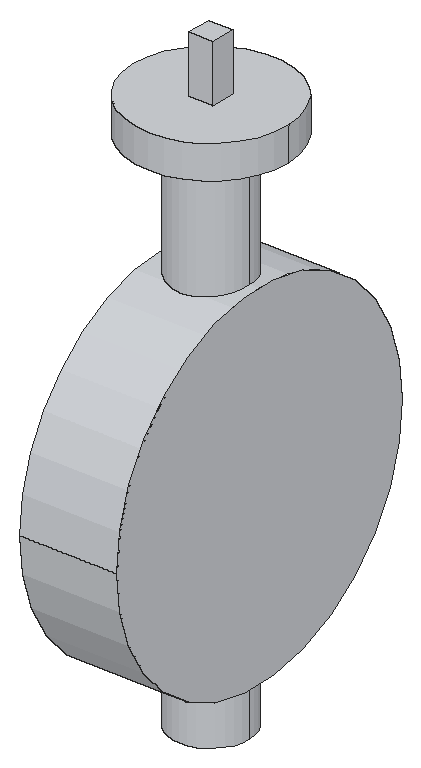
Revit family "HS497-67_disk-litina-volné vřeteno DN150-RFA_2019", category Pipe Accessories, Revit 2019
Family settings
  Round Connector Dimension = Use Diameter
  Part Type = Valve - Breaks Into
  Work Plane-Based = No
  Always vertical = Yes
  Cut with Voids When Loaded = No
  Shared = No
Parameters (values of type "HS 497-67_DN150_PN16_volné vřeteno")
  magiProductId = "50c80cb8ab434f55ab7796e5ac1331"
  magiProductFamilyId = "53cea81e6f374d17b8841d9c72ad77"
  magiPartTypeId = 305
  isMeasuringValve [instance] = no
  ang2D [instance] = 0.00°
  X11 = 61.456 mm
  X1 = 25.456 mm
  W2D = 1000 mm
  VersionID = "2.0/2017.9.26.1/ZETKAMA_497_001"
  Use Minimum Symbol Size [instance] = yes
  URL = "http://www.hydronic.cz"
  Type Comments = "mezipřírubová; litinový disk; PN16; -10~+110°C (krátkodobě +120°C)"
  SW30 = no
  SW3 = no
  SW21 = no
  SW20 = no
  SW2 = no
  SW1 = yes
  R = 75 mm
  QmdConnectorList = "301;D;302;D"
  Productdata [instance] = ""
  NC = 50 mm
  Model = ""
  Manufacturer = "Hydronic Systems Prague s.r.o."
  MM20 = 25.456 mm
  MC Product Code = "123 150 (litinový disk, s volným vřetenem; DN150; PN16, kvs1347)"
  M41 = 66 mm
  M4 = 44 mm
  LHL = 220 mm
  LHH3 = 2.45 mm
  LHH1 = 46.55 mm
  LH1 = 73.333 mm
  L4R__ve = -L4R  # -12.8 mm
  L4R = 12.8 mm
  L42__ve = -L42  # -96 mm
  L42 = 96 mm
  L41__ve = -L41  # -19.2 mm
  L41 = 19.2 mm
  L2D_Min = 3048 mm
  L2D = 216 mm
  L2 = 28 mm
  L1 = 44.8 mm
  L = 56 mm
  H = 33 mm
  G22 = 11.25 mm
  G2 = 22.5 mm
  G1 = 90 mm
  G = 90 mm
  F = 14 mm
  E44 = 31.25 mm
  E42 = 62.5 mm
  E4 = 125 mm
  E23 = 4.9 mm
  E22 = 19.6 mm
  E21 = 9.8 mm
  Description = "Mezipřírubová uzavírací klapka s volným vřetenem; litinový disk, DN150; PN16; kvs1347"
  DR2 = 75 mm
  DR = 206 mm
  DD1 = 15.625 mm
  DD = 12.5 mm
  D = 150 mm
  CAT0 = yes
  B2__ve = -B2  # -58 mm
  B2 = 58 mm
  A2 = 19.3 mm
  A1 = 98.7 mm
Types (43, lengths in mm): name | magiProductId | X11 | X1 | Type Comments | SW30 | SW3 | SW20 | SW2 | SW1 | R | NC | MM20 | MC Product Code | M41 | M4 | LHL | LHH3 | LHH1 | LH1 | L4R__ve | L4R | L42__ve | L42 | L41__ve | L41 | L2 | L1 | L | H | G | F | E44 | E42 | E4 | E23 | E22 | E21 | Description | DR2 | DR | DD1 | DD | D | B2__ve | B2 | A2 | A1
  HS 497-67_DN100_PN16_volné vřeteno | "65d1b245f4f142c78569c0602d5754" | 61.456 | 25.456 | "mezipřírubová; litinový disk; PN16; -10~+110°C (krátkodobě +120°C)" | no | no | no | no | yes | 50 | 50 | 25.456 | "123 100 (litinový disk, s volným vřetenem; DN100; PN16, kvs512)" | 66 | 44 | 220 | 2.45 | 46.55 | 73.333 | -12.8 | 12.8 | -96 | 96 | -19.2 | 19.2 | 26 | 41.6 | 52 | 30 | 90 | 11 | 31.25 | 62.5 | 125 | 4.9 | 19.6 | 9.8 | "Mezipřírubová uzavírací klapka s volným vřetenem; litinový disk, DN100; PN16; kvs512" | 50 | 147 | 15.625 | 12.5 | 100 | -56 | 56 | 16.5 | 98.5
  HS 497-67_DN100_PN16_převodové kolo | "11e91b807e674d428c8e796fcdcfe2" | 61.456 | 25.456 | "mezipřírubová; litinový disk; PN16; -10~+110°C (krátkodobě +120°C)" | yes | yes | no | no | no | 50 | 50 | 25.456 | "125 100 (litinový disk, s převodovým kolem; DN100; PN16, kvs512)" | 65.25 | 43.5 | 220 | 2.45 | 46.55 | 73.333 | -12.8 | 12.8 | -96 | 96 | -19.2 | 19.2 | 26 | 41.6 | 52 | 30 | 90 | 11 | 31.25 | 62.5 | 125 | 4.9 | 19.6 | 9.8 | "Mezipřírubová uzavírací klapka s převodovým kolem; litinový disk, DN100; PN16; kvs512" | 50 | 147 | 15.625 | 12.5 | 100 | -56 | 56 | 16.5 | 98.5
  HS 497-67_DN100_PN16_s pákou | "28172f0b3f4b47b28323ac71cf8749" | 61.456 | 25.456 | "mezipřírubová; litinový disk; PN16; -10~+110°C (krátkodobě +120°C)" | no | no | yes | yes | no | 50 | 50 | 25.456 | "120 100 (litinový disk, s pákou; DN100; PN16, kvs512)" | 66 | 44 | 260 | 3 | 57 | 86.667 | -12.8 | 12.8 | -96 | 96 | -19.2 | 19.2 | 26 | 41.6 | 52 | 30 | 90 | 11 | 31.25 | 62.5 | 125 | 6 | 24 | 12 | "Mezipřírubová uzavírací klapka s pákou; litinový disk, DN100; PN16; kvs512" | 50 | 147 | 15.625 | 12.5 | 100 | -56 | 56 | 16.5 | 98.5
  HS 497-67_DN125_PN16_volné vřeteno | "0d813d910fc14f628bb3c2efbd185c" | 61.456 | 25.456 | "mezipřírubová; litinový disk; PN16; -10~+110°C (krátkodobě +120°C)" | no | no | no | no | yes | 62.5 | 50 | 25.456 | "123 125 (litinový disk, s volným vřetenem; DN125; PN16, kvs872)" | 66 | 44 | 220 | 2.45 | 46.55 | 73.333 | -12.8 | 12.8 | -96 | 96 | -19.2 | 19.2 | 28 | 44.8 | 56 | 33 | 90 | 14 | 31.25 | 62.5 | 125 | 4.9 | 19.6 | 9.8 | "Mezipřírubová uzavírací klapka s volným vřetenem; litinový disk, DN125; PN16; kvs872" | 62.5 | 180 | 15.625 | 12.5 | 125 | -64 | 64 | 18 | 99.5
  HS 497-67_DN125_PN16_převodové kolo | "c56b7c13f372467684996fb1e0e229" | 61.456 | 25.456 | "mezipřírubová; litinový disk; PN16; -10~+110°C (krátkodobě +120°C)" | yes | yes | no | no | no | 62.5 | 50 | 25.456 | "125 125 (litinový disk, s převodovým kolem; DN125; PN16, kvs872)" | 65.25 | 43.5 | 220 | 2.45 | 46.55 | 73.333 | -13.5 | 13.5 | -101.25 | 101.25 | -20.25 | 20.25 | 28 | 44.8 | 56 | 33 | 90 | 14 | 40 | 80 | 160 | 4.9 | 19.6 | 9.8 | "Mezipřírubová uzavírací klapka s převodovým kolem; litinový disk, DN125; PN16; kvs872" | 62.5 | 180 | 20 | 16 | 125 | -64 | 64 | 18 | 99.5
  HS 497-67_DN125_PN16_s pákou | "105993c79a91492399feef7931321a" | 61.456 | 25.456 | "mezipřírubová; litinový disk; PN16; -10~+110°C (krátkodobě +120°C)" | no | no | yes | yes | no | 62.5 | 50 | 25.456 | "120 125 (litinový disk, s pákou; DN125; PN16, kvs872)" | 66 | 44 | 315 | 3.75 | 71.25 | 105 | -12.8 | 12.8 | -96 | 96 | -19.2 | 19.2 | 28 | 44.8 | 56 | 33 | 90 | 14 | 31.25 | 62.5 | 125 | 7.5 | 30 | 15 | "Mezipřírubová uzavírací klapka s pákou; litinový disk, DN125; PN16; kvs872" | 62.5 | 180 | 15.625 | 12.5 | 125 | -64 | 64 | 18 | 99.5
  HS 497-67_DN150_PN16_volné vřeteno | "50c80cb8ab434f55ab7796e5ac1331" | 61.456 | 25.456 | "mezipřírubová; litinový disk; PN16; -10~+110°C (krátkodobě +120°C)" | no | no | no | no | yes | 75 | 50 | 25.456 | "123 150 (litinový disk, s volným vřetenem; DN150; PN16, kvs1347)" | 66 | 44 | 220 | 2.45 | 46.55 | 73.333 | -12.8 | 12.8 | -96 | 96 | -19.2 | 19.2 | 28 | 44.8 | 56 | 33 | 90 | 14 | 31.25 | 62.5 | 125 | 4.9 | 19.6 | 9.8 | "Mezipřírubová uzavírací klapka s volným vřetenem; litinový disk, DN150; PN16; kvs1347" | 75 | 206 | 15.625 | 12.5 | 150 | -58 | 58 | 19.3 | 98.7
  HS 497-67_DN150_PN16_převodové kolo | "d94a1a0cf83b476eb10011b327f709" | 61.456 | 25.456 | "mezipřírubová; litinový disk; PN16; -10~+110°C (krátkodobě +120°C)" | yes | yes | no | no | no | 75 | 50 | 25.456 | "125 150 (litinový disk, s převodovým kolem; DN150; PN16, kvs1347)" | 65.25 | 43.5 | 220 | 2.45 | 46.55 | 73.333 | -13.5 | 13.5 | -101.25 | 101.25 | -20.25 | 20.25 | 28 | 44.8 | 56 | 33 | 90 | 14 | 40 | 80 | 160 | 4.9 | 19.6 | 9.8 | "Mezipřírubová uzavírací klapka s převodovým kolem; litinový disk, DN150; PN16; kvs1347" | 75 | 206 | 20 | 16 | 150 | -58 | 58 | 19.3 | 98.7
  HS 497-67_DN150_PN16_s pákou | "4d2835523fe84828bc50ff0a5a0dfb" | 61.456 | 25.456 | "mezipřírubová; litinový disk; PN16; -10~+110°C (krátkodobě +120°C)" | no | no | yes | yes | no | 75 | 50 | 25.456 | "120 150 (litinový disk, s pákou; DN150; PN16, kvs1347)" | 66 | 44 | 315 | 3.75 | 71.25 | 105 | -12.8 | 12.8 | -96 | 96 | -19.2 | 19.2 | 28 | 44.8 | 56 | 33 | 90 | 14 | 31.25 | 62.5 | 125 | 7.5 | 30 | 15 | "Mezipřírubová uzavírací klapka s pákou; litinový disk, DN150; PN16; kvs1347" | 75 | 206 | 15.625 | 12.5 | 150 | -58 | 58 | 19.3 | 98.7
  HS 497-67_DN200_PN16_volné vřeteno | "5b29029eaeba47139ee1055a4b9201" | 61.456 | 25.456 | "mezipřírubová; litinový disk; PN16; -10~+110°C (krátkodobě +120°C)" | no | no | no | no | yes | 100 | 50 | 25.456 | "123 200 (litinový disk, s volným vřetenem; DN200; PN16, kvs2675)" | 66 | 44 | 220 | 2.45 | 46.55 | 73.333 | -12.8 | 12.8 | -96 | 96 | -19.2 | 19.2 | 30 | 48 | 60 | 33 | 90 | 17 | 31.25 | 62.5 | 125 | 4.9 | 19.6 | 9.8 | "Mezipřírubová uzavírací klapka s volným vřetenem; litinový disk, DN200; PN16; kvs2675" | 100 | 257 | 15.625 | 12.5 | 200 | -70 | 70 | 22.5 | 102.5
  HS 497-67_DN200_PN16_převodové kolo | "b2793cc1fcc44cf2a35062cd67c04f" | 61.456 | 25.456 | "mezipřírubová; litinový disk; PN16; -10~+110°C (krátkodobě +120°C)" | yes | yes | no | no | no | 100 | 57 | 25.456 | "125 200 (litinový disk, s převodovým kolem; DN200; PN16, kvs2675)" | 78.75 | 52.5 | 220 | 2.45 | 46.55 | 73.333 | -15.2 | 15.2 | -114 | 114 | -22.8 | 22.8 | 30 | 48 | 60 | 33 | 90 | 17 | 50 | 100 | 200 | 4.9 | 19.6 | 9.8 | "Mezipřírubová uzavírací klapka s převodovým kolem; litinový disk, DN200; PN16; kvs2675" | 100 | 257 | 25 | 20 | 200 | -70 | 70 | 22.5 | 102.5
  HS 497-67_DN200_PN16_s pákou | "f88d96c7af224537a51e72d7d8fffe" | 61.456 | 25.456 | "mezipřírubová; litinový disk; PN16; -10~+110°C (krátkodobě +120°C)" | no | no | yes | yes | no | 100 | 50 | 25.456 | "120 200 (litinový disk, s pákou; DN200; PN16, kvs2675)" | 66 | 44 | 315 | 3.75 | 71.25 | 105 | -12.8 | 12.8 | -96 | 96 | -19.2 | 19.2 | 30 | 48 | 60 | 33 | 90 | 17 | 31.25 | 62.5 | 125 | 7.5 | 30 | 15 | "Mezipřírubová uzavírací klapka s pákou; litinový disk, DN200; PN16; kvs2675" | 100 | 257 | 15.625 | 12.5 | 200 | -70 | 70 | 22.5 | 102.5
  HS 497-67_DN250_PN16_volné vřeteno | "b662e8305ca2402b9c510e66e6aa55" | 88.77 | 36.77 | "mezipřírubová; litinový disk; PN16; -10~+110°C (krátkodobě +120°C)" | no | no | no | no | yes | 125 | 50 | 36.77 | "123 250 (litinový disk, s volným vřetenem; DN250; PN16, kvs4555)" | 66 | 44 | 220 | 2.45 | 46.55 | 73.333 | -12.8 | 12.8 | -96 | 96 | -19.2 | 19.2 | 34 | 54.4 | 68 | 23 | 130 | 22 | 31.25 | 62.5 | 125 | 4.9 | 19.6 | 9.8 | "Mezipřírubová uzavírací klapka s volným vřetenem; litinový disk, DN250; PN16; kvs4555" | 125 | 324 | 15.625 | 12.5 | 250 | -85 | 85 | 28.25 | 129.25
  HS 497-67_DN250_PN16_převodové kolo | "5ee9016806664ddfaa2632711f295c" | 88.77 | 36.77 | "mezipřírubová; litinový disk; PN16; -10~+110°C (krátkodobě +120°C)" | yes | yes | no | no | no | 125 | 70 | 36.77 | "125 250 (litinový disk, s převodovým kolem; DN250; PN16, kvs4555)" | 91.5 | 61 | 220 | 2.45 | 46.55 | 73.333 | -22.2 | 22.2 | -166.5 | 166.5 | -33.3 | 33.3 | 34 | 54.4 | 68 | 23 | 130 | 22 | 62.5 | 125 | 250 | 4.9 | 19.6 | 9.8 | "Mezipřírubová uzavírací klapka s převodovým kolem; litinový disk, DN250; PN16; kvs4555" | 125 | 324 | 31.25 | 25 | 250 | -85 | 85 | 28.25 | 129.25
  HS 497-67_DN300_PN16_volné vřeteno | "e1886f51ff004380a649519258edf2" | 88.77 | 36.77 | "mezipřírubová; litinový disk; PN16; -10~+110°C (krátkodobě +120°C)" | no | no | no | no | yes | 150 | 50 | 36.77 | "123 300 (litinový disk, s volným vřetenem; DN300; PN16, kvs7037)" | 66 | 44 | 220 | 2.45 | 46.55 | 73.333 | -12.8 | 12.8 | -96 | 96 | -19.2 | 19.2 | 39 | 62.4 | 78 | 23 | 130 | 22 | 31.25 | 62.5 | 125 | 4.9 | 19.6 | 9.8 | "Mezipřírubová uzavírací klapka s volným vřetenem; litinový disk, DN300; PN16; kvs7037" | 150 | 376 | 15.625 | 12.5 | 300 | -90 | 90 | 30.8 | 127.2
  HS 497-67_DN300_PN16_převodové kolo | "6860f094f77d42088fbebc3c97f755" | 88.77 | 36.77 | "mezipřírubová; litinový disk; PN16; -10~+110°C (krátkodobě +120°C)" | yes | yes | no | no | no | 150 | 70 | 36.77 | "125 300 (litinový disk, s převodovým kolem; DN300; PN16, kvs7037)" | 91.5 | 61 | 220 | 2.45 | 46.55 | 73.333 | -22.2 | 22.2 | -166.5 | 166.5 | -33.3 | 33.3 | 39 | 62.4 | 78 | 23 | 130 | 22 | 62.5 | 125 | 250 | 4.9 | 19.6 | 9.8 | "Mezipřírubová uzavírací klapka s převodovým kolem; litinový disk, DN300; PN16; kvs7037" | 150 | 376 | 31.25 | 25 | 300 | -90 | 90 | 30.8 | 127.2
  HS 497-67_DN032_PN16_volné vřeteno | "8c5f65de52aa4067a77564107e31b2" | 61.456 | 25.456 | "mezipřírubová; litinový disk; PN16; -10~+110°C (krátkodobě +120°C)" | no | no | no | no | yes | 16 | 50 | 25.456 | "123 032 (litinový disk, s volným vřetenem; DN32; PN16, kvs78)" | 66 | 44 | 220 | 2.45 | 46.55 | 73.333 | -12.8 | 12.8 | -96 | 96 | -19.2 | 19.2 | 16.5 | 26.4 | 33 | 30 | 90 | 11 | 31.25 | 62.5 | 125 | 4.9 | 19.6 | 9.8 | "Mezipřírubová uzavírací klapka s volným vřetenem; litinový disk, DN32; PN16; kvs78" | 16 | 68 | 15.625 | 12.5 | 32 | -44.2 | 44.2 | 10.25 | 76.25
  HS 497-67_DN032_PN16_převodové kolo | "60aaeffa8b3a4e809ef000e4660060" | 61.456 | 25.456 | "mezipřírubová; litinový disk; PN16; -10~+110°C (krátkodobě +120°C)" | yes | yes | no | no | no | 16 | 50 | 25.456 | "125 032 (litinový disk, s převodovým kolem; DN32; PN16, kvs78)" | 65.25 | 43.5 | 220 | 2.45 | 46.55 | 73.333 | -12.8 | 12.8 | -96 | 96 | -19.2 | 19.2 | 16.5 | 26.4 | 33 | 30 | 90 | 11 | 31.25 | 62.5 | 125 | 4.9 | 19.6 | 9.8 | "Mezipřírubová uzavírací klapka s převodovým kolem; litinový disk, DN32; PN16; kvs78" | 16 | 68 | 15.625 | 12.5 | 32 | -44.2 | 44.2 | 10.25 | 76.25
  HS 497-67_DN032_PN16_s pákou | "9ad8088d610749a1b871aa2aad8007" | 61.456 | 25.456 | "mezipřírubová; litinový disk; PN16; -10~+110°C (krátkodobě +120°C)" | no | no | yes | yes | no | 16 | 50 | 25.456 | "120 032 (litinový disk, s pákou; DN32; PN16, kvs78)" | 66 | 44 | 220 | 2.45 | 46.55 | 73.333 | -12.8 | 12.8 | -96 | 96 | -19.2 | 19.2 | 16.5 | 26.4 | 33 | 30 | 90 | 11 | 31.25 | 62.5 | 125 | 4.9 | 19.6 | 9.8 | "Mezipřírubová uzavírací klapka s pákou; litinový disk, DN32; PN16; kvs78" | 16 | 68 | 15.625 | 12.5 | 32 | -44.2 | 44.2 | 10.25 | 76.25
  HS 497-67_DN350_PN10_volné vřeteno | "72a1e05f22944421b7e9596a877137" | 109.255 | 45.255 | "mezipřírubová; litinový disk; PN10; -10~+110°C (krátkodobě +120°C)" | no | no | no | no | yes | 175 | 50 | 45.255 | "123 350 (litinový disk, s volným vřetenem; DN350; PN10, kvs10165)" | 66 | 44 | 220 | 2.45 | 46.55 | 73.333 | -12.8 | 12.8 | -96 | 96 | -19.2 | 19.2 | 39 | 62.4 | 78 | 31 | 160 | 22 | 31.25 | 62.5 | 125 | 4.9 | 19.6 | 9.8 | "Mezipřírubová uzavírací klapka s volným vřetenem; litinový disk, DN350; PN10; kvs10165" | 175 | 430 | 15.625 | 12.5 | 350 | -88 | 88 | 33.85 | 129.65
  HS 497-67_DN350_PN10_převodové kolo | "a5a01426cb28494ba3afca92f1dace" | 109.255 | 45.255 | "mezipřírubová; litinový disk; PN10; -10~+110°C (krátkodobě +120°C)" | yes | yes | no | no | no | 175 | 70 | 45.255 | "125 350 (litinový disk, s převodovým kolem; DN350; PN10, kvs10165)" | 91.5 | 61 | 220 | 2.45 | 46.55 | 73.333 | -22.2 | 22.2 | -166.5 | 166.5 | -33.3 | 33.3 | 39 | 62.4 | 78 | 31 | 160 | 22 | 62.5 | 125 | 250 | 4.9 | 19.6 | 9.8 | "Mezipřírubová uzavírací klapka s převodovým kolem; litinový disk, DN350; PN10; kvs10165" | 175 | 430 | 31.25 | 25 | 350 | -88 | 88 | 33.85 | 129.65
  HS 497-67_DN400_PN10_volné vřeteno | "c70ebeb927c04ab99b176e257ad0a7" | 109.255 | 45.255 | "mezipřírubová; litinový disk; PN10; -10~+110°C (krátkodobě +120°C)" | no | no | no | no | yes | 200 | 50 | 45.255 | "123 400 (litinový disk, s volným vřetenem; DN400; PN10, kvs13799)" | 66 | 44 | 220 | 2.45 | 46.55 | 73.333 | -12.8 | 12.8 | -96 | 96 | -19.2 | 19.2 | 51 | 81.6 | 102 | 31 | 160 | 27 | 31.25 | 62.5 | 125 | 4.9 | 19.6 | 9.8 | "Mezipřírubová uzavírací klapka s volným vřetenem; litinový disk, DN400; PN10; kvs13799" | 200 | 485 | 15.625 | 12.5 | 400 | -108 | 108 | 38 | 142
  HS 497-67_DN400_PN10_převodové kolo | "cc64a4384dcb41b780d81810f4f293" | 109.255 | 45.255 | "mezipřírubová; litinový disk; PN10; -10~+110°C (krátkodobě +120°C)" | yes | yes | no | no | no | 200 | 72.5 | 45.255 | "125 400 (litinový disk, s převodovým kolem; DN400; PN10, kvs13799)" | 103.5 | 69 | 220 | 2.45 | 46.55 | 73.333 | -27.8 | 27.8 | -208.5 | 208.5 | -41.7 | 41.7 | 51 | 81.6 | 102 | 31 | 160 | 27 | 75 | 150 | 300 | 4.9 | 19.6 | 9.8 | "Mezipřírubová uzavírací klapka s převodovým kolem; litinový disk, DN400; PN10; kvs13799" | 200 | 485 | 37.5 | 30 | 400 | -108 | 108 | 38 | 142
  HS 497-67_DN040_PN16_volné vřeteno | "35f92312390745e88df5b5c325d9ee" | 61.456 | 25.456 | "mezipřírubová; litinový disk; PN16; -10~+110°C (krátkodobě +120°C)" | no | no | no | no | yes | 20 | 50 | 25.456 | "123 040 (litinový disk, s volným vřetenem; DN40; PN16, kvs78)" | 66 | 44 | 220 | 2.45 | 46.55 | 73.333 | -12.8 | 12.8 | -96 | 96 | -19.2 | 19.2 | 16.5 | 26.4 | 33 | 30 | 90 | 11 | 31.25 | 62.5 | 125 | 4.9 | 19.6 | 9.8 | "Mezipřírubová uzavírací klapka s volným vřetenem; litinový disk, DN40; PN16; kvs78" | 20 | 76 | 15.625 | 12.5 | 40 | -36 | 36 | 11 | 79
  HS 497-67_DN040_PN16_převodové kolo | "d88e968eae3445bc9b7b4e6ff35127" | 61.456 | 25.456 | "mezipřírubová; litinový disk; PN16; -10~+110°C (krátkodobě +120°C)" | yes | yes | no | no | no | 20 | 50 | 25.456 | "125 040 (litinový disk, s převodovým kolem; DN40; PN16, kvs78)" | 65.25 | 43.5 | 220 | 2.45 | 46.55 | 73.333 | -12.8 | 12.8 | -96 | 96 | -19.2 | 19.2 | 16.5 | 26.4 | 33 | 30 | 90 | 11 | 31.25 | 62.5 | 125 | 4.9 | 19.6 | 9.8 | "Mezipřírubová uzavírací klapka s převodovým kolem; litinový disk, DN40; PN16; kvs78" | 20 | 76 | 15.625 | 12.5 | 40 | -36 | 36 | 11 | 79
  HS 497-67_DN040_PN16_s pákou | "c1b522ca65b4407a98818f232eaacb" | 61.456 | 25.456 | "mezipřírubová; litinový disk; PN16; -10~+110°C (krátkodobě +120°C)" | no | no | yes | yes | no | 20 | 50 | 25.456 | "120 040 (litinový disk, s pákou; DN40; PN16, kvs78)" | 66 | 44 | 220 | 2.45 | 46.55 | 73.333 | -12.8 | 12.8 | -96 | 96 | -19.2 | 19.2 | 16.5 | 26.4 | 33 | 30 | 90 | 11 | 31.25 | 62.5 | 125 | 4.9 | 19.6 | 9.8 | "Mezipřírubová uzavírací klapka s pákou; litinový disk, DN40; PN16; kvs78" | 20 | 76 | 15.625 | 12.5 | 40 | -36 | 36 | 11 | 79
  HS 497-67_DN450_PN10_volné vřeteno | "a8358bc282f14872b3194e530e590a" | 129.74 | 53.74 | "mezipřírubová; litinový disk; PN10; -10~+110°C (krátkodobě +120°C)" | no | no | no | no | yes | 225 | 50 | 53.74 | "123 450 (litinový disk, s volným vřetenem; DN450; PN10, kvs18514)" | 66 | 44 | 220 | 2.45 | 46.55 | 73.333 | -12.8 | 12.8 | -96 | 96 | -19.2 | 19.2 | 57 | 91.2 | 114 | 38 | 190 | 36 | 31.25 | 62.5 | 125 | 4.9 | 19.6 | 9.8 | "Mezipřírubová uzavírací klapka s volným vřetenem; litinový disk, DN450; PN10; kvs18514" | 225 | 536 | 15.625 | 12.5 | 450 | -115 | 115 | 38.05 | 117.45
  HS 497-67_DN450_PN10_převodové kolo | "cdf2d80f54a9414f9cbe50647c0ebd" | 129.74 | 53.74 | "mezipřírubová; litinový disk; PN10; -10~+110°C (krátkodobě +120°C)" | yes | yes | no | no | no | 225 | 91.5 | 53.74 | "125 450 (litinový disk, s převodovým kolem; DN450; PN10, kvs18514)" | 144.75 | 96.5 | 220 | 2.45 | 46.55 | 73.333 | -32.1 | 32.1 | -240.75 | 240.75 | -48.15 | 48.15 | 57 | 91.2 | 114 | 38 | 190 | 36 | 100 | 200 | 400 | 4.9 | 19.6 | 9.8 | "Mezipřírubová uzavírací klapka s převodovým kolem; litinový disk, DN450; PN10; kvs18514" | 225 | 536 | 50 | 40 | 450 | -115 | 115 | 38.05 | 117.45
  HS 497-67_DN500_PN10_volné vřeteno | "8c396e27bb2743f98f3c762b6517cd" | 143.397 | 59.397 | "mezipřírubová; litinový disk; PN10; -10~+110°C (krátkodobě +120°C)" | no | no | no | no | yes | 250 | 50 | 59.397 | "123 500 (litinový disk, s volným vřetenem; DN500; PN10, kvs23805)" | 66 | 44 | 220 | 2.45 | 46.55 | 73.333 | -12.8 | 12.8 | -96 | 96 | -19.2 | 19.2 | 63.5 | 101.6 | 127 | 38 | 210 | 36 | 31.25 | 62.5 | 125 | 4.9 | 19.6 | 9.8 | "Mezipřírubová uzavírací klapka s volným vřetenem; litinový disk, DN500; PN10; kvs23805" | 250 | 593 | 15.625 | 12.5 | 500 | -130 | 130 | 43.25 | 139.25
  HS 497-67_DN500_PN10_převodové kolo | "7647804f32e94cef828a7034a91a46" | 143.397 | 59.397 | "mezipřírubová; litinový disk; PN10; -10~+110°C (krátkodobě +120°C)" | yes | yes | no | no | no | 250 | 91.5 | 59.397 | "125 500 (litinový disk, s převodovým kolem; DN500; PN10, kvs23805)" | 144.75 | 96.5 | 220 | 2.45 | 46.55 | 73.333 | -32.1 | 32.1 | -240.75 | 240.75 | -48.15 | 48.15 | 63.5 | 101.6 | 127 | 38 | 210 | 36 | 100 | 200 | 400 | 4.9 | 19.6 | 9.8 | "Mezipřírubová uzavírací klapka s převodovým kolem; litinový disk, DN500; PN10; kvs23805" | 250 | 593 | 50 | 40 | 500 | -130 | 130 | 43.25 | 139.25
  HS 497-67_DN050_volné vřeteno | "d71f296ecd6d4adf8f6e5d9853b4e0" | 61.456 | 25.456 | "mezipřírubová; litinový disk; PN16; -10~+110°C (krátkodobě +120°C)" | no | no | no | no | yes | 25 | 50 | 25.456 | "123 050 (litinový disk, s volným vřetenem; DN50; PN16, kvs98)" | 66 | 44 | 220 | 2.45 | 46.55 | 73.333 | -12.8 | 12.8 | -96 | 96 | -19.2 | 19.2 | 21.5 | 34.4 | 43 | 30 | 90 | 11 | 31.25 | 62.5 | 125 | 4.9 | 19.6 | 9.8 | "Mezipřírubová uzavírací klapka s volným vřetenem; litinový disk, DN50; PN16; kvs98" | 25 | 100 | 15.625 | 12.5 | 50 | -36.5 | 36.5 | 12 | 83
  HS 497-67_DN050_PN16_převodové kolo | "2fb080deeaed49c58418b94c1da5a4" | 61.456 | 25.456 | "mezipřírubová; litinový disk; PN16; -10~+110°C (krátkodobě +120°C)" | yes | yes | no | no | no | 25 | 50 | 25.456 | "125 050 (litinový disk, s převodovým kolem; DN50; PN16, kvs98)" | 65.25 | 43.5 | 220 | 2.45 | 46.55 | 73.333 | -12.8 | 12.8 | -96 | 96 | -19.2 | 19.2 | 21.5 | 34.4 | 43 | 30 | 90 | 11 | 31.25 | 62.5 | 125 | 4.9 | 19.6 | 9.8 | "Mezipřírubová uzavírací klapka s převodovým kolem; litinový disk, DN50; PN16; kvs98" | 25 | 100 | 15.625 | 12.5 | 50 | -36.5 | 36.5 | 12 | 83
  HS 497-67_DN050_PN16_s pákou | "dabc632061f94877a994b9b4e68112" | 61.456 | 25.456 | "mezipřírubová; litinový disk; PN16; -10~+110°C (krátkodobě +120°C)" | no | no | yes | yes | no | 25 | 50 | 25.456 | "120 050 (litinový disk, s pákou; DN50; PN16, kvs98)" | 66 | 44 | 220 | 2.45 | 46.55 | 73.333 | -12.8 | 12.8 | -96 | 96 | -19.2 | 19.2 | 21.5 | 34.4 | 43 | 30 | 90 | 11 | 31.25 | 62.5 | 125 | 4.9 | 19.6 | 9.8 | "Mezipřírubová uzavírací klapka s pákou; litinový disk, DN50; PN16; kvs98" | 25 | 100 | 15.625 | 12.5 | 50 | -36.5 | 36.5 | 12 | 83
  HS 497-67_DN600_PN10_volné vřeteno | "99d5892c14664fce81a7c5903f7711" | 143.397 | 59.397 | "mezipřírubová; litinový disk; PN10; -10~+110°C (krátkodobě +120°C)" | no | no | no | no | yes | 300 | 50 | 59.397 | "123 600 (litinový disk, s volným vřetenem; DN600; PN10, kvs36778)" | 66 | 44 | 220 | 2.45 | 46.55 | 73.333 | -12.8 | 12.8 | -96 | 96 | -19.2 | 19.2 | 77 | 123.2 | 154 | 80 | 210 | 60 | 31.25 | 62.5 | 125 | 4.9 | 19.6 | 9.8 | "Mezipřírubová uzavírací klapka s volným vřetenem; litinový disk, DN600; PN10; kvs36788" | 300 | 690 | 15.625 | 12.5 | 600 | -140 | 140 | 49.4 | 144.6
  HS 497-67_DN600_PN10_převodové kolo | "b1e26faab48a4c499f6bb11e7e3002" | 143.397 | 59.397 | "mezipřírubová; litinový disk; PN10; -10~+110°C (krátkodobě +120°C)" | yes | yes | no | no | no | 300 | 140 | 59.397 | "125 600 (litinový disk, s převodovým kolem; DN600; PN10, kvs36778)" | 206.25 | 137.5 | 220 | 2.45 | 46.55 | 73.333 | -40.8 | 40.8 | -306 | 306 | -61.2 | 61.2 | 77 | 123.2 | 154 | 80 | 210 | 60 | 125 | 250 | 500 | 4.9 | 19.6 | 9.8 | "Mezipřírubová uzavírací klapka s převodovým kolem; litinový disk, DN600; PN10; kvs36788" | 300 | 690 | 62.5 | 50 | 600 | -140 | 140 | 49.4 | 144.6
  HS 497-67_DN065_PN16_volné vřeteno | "5e5e208646e34ec29f889baab5d08e" | 61.456 | 25.456 | "mezipřírubová; litinový disk; PN16; -10~+110°C (krátkodobě +120°C)" | no | no | no | no | yes | 32.5 | 50 | 25.456 | "123 065 (litinový disk, s volným vřetenem; DN65; PN16, kvs167)" | 66 | 44 | 220 | 2.45 | 46.55 | 73.333 | -12.8 | 12.8 | -96 | 96 | -19.2 | 19.2 | 23 | 36.8 | 46 | 30 | 90 | 11 | 31.25 | 62.5 | 125 | 4.9 | 19.6 | 9.8 | "Mezipřírubová uzavírací klapka s volným vřetenem; litinový disk, DN65; PN16; kv167" | 32.5 | 108 | 15.625 | 12.5 | 65 | -36.5 | 36.5 | 13.5 | 89
  HS 497-67_DN065_PN16_převodové kolo | "654d74c8d15540b0bfe523d988ccb3" | 61.456 | 25.456 | "mezipřírubová; litinový disk; PN16; -10~+110°C (krátkodobě +120°C)" | yes | yes | no | no | no | 32.5 | 50 | 25.456 | "125 065 (litinový disk, s převodovým kolem; DN65; PN16, kvs167)" | 65.25 | 43.5 | 220 | 2.45 | 46.55 | 73.333 | -12.8 | 12.8 | -96 | 96 | -19.2 | 19.2 | 23 | 36.8 | 46 | 30 | 90 | 11 | 31.25 | 62.5 | 125 | 4.9 | 19.6 | 9.8 | "Mezipřírubová uzavírací klapka s převodovým kolem; litinový disk, DN65; PN16; kvs167" | 32.5 | 108 | 15.625 | 12.5 | 65 | -36.5 | 36.5 | 13.5 | 89
  HS 497-67_DN065_PN16_s pákou | "ebeb4b59db0641caaf6d6635ab37b9" | 61.456 | 25.456 | "mezipřírubová; litinový disk; PN16; -10~+110°C (krátkodobě +120°C)" | no | no | yes | yes | no | 32.5 | 50 | 25.456 | "120 065 (litinový disk, s pákou; DN65; PN16, kvs167)" | 66 | 44 | 220 | 2.45 | 46.55 | 73.333 | -12.8 | 12.8 | -96 | 96 | -19.2 | 19.2 | 23 | 36.8 | 46 | 30 | 90 | 11 | 31.25 | 62.5 | 125 | 4.9 | 19.6 | 9.8 | "Mezipřírubová uzavírací klapka s pákou; litinový disk, DN65; PN16; kvs167" | 32.5 | 108 | 15.625 | 12.5 | 65 | -36.5 | 36.5 | 13.5 | 89
  HS 497-67_DN080_PN16_volné vřeteno | "9e85c75c18654e1185a9c48ed6b00e" | 61.456 | 25.456 | "mezipřírubová; litinový disk; PN16; -10~+110°C (krátkodobě +120°C)" | no | no | no | no | yes | 40 | 50 | 25.456 | "123 080 (litinový disk, s volným vřetenem; DN80; PN16, kvs258)" | 66 | 44 | 220 | 2.45 | 46.55 | 73.333 | -12.8 | 12.8 | -96 | 96 | -19.2 | 19.2 | 23 | 36.8 | 46 | 30 | 90 | 11 | 31.25 | 62.5 | 125 | 4.9 | 19.6 | 9.8 | "Mezipřírubová uzavírací klapka s volným vřetenem; litinový disk, DN80; PN16; kvs258" | 40 | 124 | 15.625 | 12.5 | 80 | -54 | 54 | 14.1 | 86.9
  HS 497-67_DN080_PN16_převodové kolo | "5b3c8238c3d041e68c75b199e7ea46" | 61.456 | 25.456 | "mezipřírubová; litinový disk; PN16; -10~+110°C (krátkodobě +120°C)" | yes | yes | no | no | no | 40 | 50 | 25.456 | "125 080 (litinový disk, s převodovým kolem; DN80; PN16, kvs258)" | 65.25 | 43.5 | 220 | 2.45 | 46.55 | 73.333 | -12.8 | 12.8 | -96 | 96 | -19.2 | 19.2 | 23 | 36.8 | 46 | 30 | 90 | 11 | 31.25 | 62.5 | 125 | 4.9 | 19.6 | 9.8 | "Mezipřírubová uzavírací klapka s převodovým kolem; litinový disk, DN80; PN16; kvs258" | 40 | 124 | 15.625 | 12.5 | 80 | -54 | 54 | 14.1 | 86.9
  HS 497-67_DN080_PN16_s pákou | "e414795fab0f4eccb99bc3572c5477" | 61.456 | 25.456 | "mezipřírubová; litinový disk; PN16; -10~+110°C (krátkodobě +120°C)" | no | no | yes | yes | no | 40 | 50 | 25.456 | "120 080 (litinový disk, s pákou; DN80; PN16, kvs258)" | 66 | 44 | 260 | 3 | 57 | 86.667 | -12.8 | 12.8 | -96 | 96 | -19.2 | 19.2 | 23 | 36.8 | 46 | 30 | 90 | 11 | 31.25 | 62.5 | 125 | 6 | 24 | 12 | "Mezipřírubová uzavírací klapka s pákou; litinový disk, DN80; PN16; kvs258" | 40 | 124 | 15.625 | 12.5 | 80 | -54 | 54 | 14.1 | 86.9
  HS 497-67_DN250_PN16_s pákou | "" | 88.77 | 36.77 | "mezipřírubová; litinový disk; PN16; -10~+110°C (krátkodobě +120°C)" | no | no | yes | yes | no | 125 | 70 | 36.77 | "120 250 (litinový disk, s pákou; DN250; PN16, kvs4555)" | 91.5 | 61 | 220 | 2.45 | 46.55 | 73.333 | -22.2 | 22.2 | -166.5 | 166.5 | -33.3 | 33.3 | 34 | 54.4 | 68 | 23 | 130 | 22 | 62.5 | 125 | 250 | 4.9 | 19.6 | 9.8 | "Mezipřírubová uzavírací klapka s pákou; litinový disk, DN250; PN16; kvs4555" | 125 | 324 | 31.25 | 25 | 250 | -85 | 85 | 28.25 | 129.25
  HS 497-67_DN300_PN16_s pákou | "" | 88.77 | 36.77 | "mezipřírubová; litinový disk; PN16; -10~+110°C (krátkodobě +120°C)" | no | no | yes | yes | no | 150 | 70 | 36.77 | "120 300 (litinový disk, s pákou; DN300; PN16, kvs7037)" | 91.5 | 61 | 220 | 2.45 | 46.55 | 73.333 | -22.2 | 22.2 | -166.5 | 166.5 | -33.3 | 33.3 | 39 | 62.4 | 78 | 23 | 130 | 22 | 62.5 | 125 | 250 | 4.9 | 19.6 | 9.8 | "Mezipřírubová uzavírací klapka s pákou; litinový disk, DN300; PN16; kvs7037" | 150 | 376 | 31.25 | 25 | 300 | -90 | 90 | 30.8 | 127.2
Reference planes
  plane 1 "Center (Front/Back)": y = 0
  plane 2 "XYPLANE": z = 0
  plane 3 "Center (Left/Right)": x = 0
  plane 4 "473": x = -25.456
  plane 5 "472": x = -66
  plane 6 "471": y = -25.456
  plane 7 "470": y = 25.456
  plane 8 "469": x = -44
  plane 9 "468": y = -115.2
  plane 10 "467": y = -96
  plane 11 "466": z = 224.25
  plane 12 "465": z = 239.55
  plane 13 "464": y = 145.417
  plane 14 "463": z = 229.75
  plane 15 "462": z = 212.6
  plane 16 "461": z = 222.4
  plane 17 "460": y = 72.083
  plane 18 "459": x = -11.25
  plane 19 "458": x = 11.25
  plane 20 "457": y = -6.25
  plane 21 "456": x = -17.5
  plane 22 "455": x = 17.5
  plane 23 "454": z = 227.3
  plane 24 "453": y = 62.083
  plane 25 "452": y = -11.25
  plane 26 "451": x = -22.5
  plane 27 "450": x = 22.5
  plane 28 "449": z = 207.7
  plane 29 "448": z = 202.8
  plane 30 "447": z = -75
  plane 31 "446": z = 193
  plane 32 "445": z = 173.7
  plane 33 "444": z = 75
  plane 34 "443": x = 28
  plane 35 "442": x = -28
  plane 36 "441": z = 0
  plane 37 "440": y = 0
  plane 38 "439": x = 0
  plane 39 "438": z = 242
  plane 40 "437": z = 227.3
  plane 41 "436": x = 13.7
  plane 42 "435": x = -13.7
  plane 43 "434": y = 220
Forms (mm)
  Extrusion 1, solid, visible <- "SW3"
    sketch origin (-750, 0, 193) x (1, 0, 0) y (0, 1, 0)
      loop
        line (684, 25.456) -> (684, -25.456) -> (724.544, -25.456)
        arc (724.544, -25.456) -> (786, 0) -> (724.544, 25.456) r 36
        line (724.544, 25.456) -> (684, 25.456)
    from 0 to 62.5 <- "E42"
  Extrusion 2, solid, visible <- "SW30"
    sketch origin (0, -750, 0) x (0, 1, 0) y (0, 0, 1)
      loop
        circle (750, 224.25) r 7.813
    from 0 to 50 <- "NC"
  Extrusion 3, solid, visible <- "SW30"
    sketch origin (750, -115.2, 0) x (-1, 0, 0) y (0, 0, 1)
      loop
        circle (794, 224.25) r 62.5
    from 0 to -12.8 <- "L4R__ve"
  Extrusion 4, solid, visible <- "SW3"
    sketch origin (750, -96, 0) x (-1, 0, 0) y (0, 0, 1)
      loop
        circle (794, 224.25) r 7.813
    from 0 to -19.2 <- "L41__ve"
  Extrusion 5, solid, visible <- "SW30"
    sketch origin (750, 0, 0) x (-1, 0, 0) y (0, 0, 1)
      loop
        circle (794, 224.25) r 6.25
    from 0 to -96 <- "L42__ve"
  Blend 6, solid, visible <- "SW21"
    base sketch origin (750, 72.083, 0) x (-1, 0, 0) y (0, 0, 1)
      loop
        line (761.25, 222.4) -> (738.75, 222.4) -> (738.75, 212.6) -> (761.25, 212.6) -> (761.25, 222.4)
    top sketch origin (750, 72.083, 0) x (-1, 0, 0) y (0, 0, 1)
      loop
        line (761.25, 239.55) -> (738.75, 239.55) -> (738.75, 229.75) -> (761.25, 229.75) -> (761.25, 239.55)
    from 0 to 73.333
  Blend 7, solid, visible <- "SW21"
    base sketch origin (750, 62.083, 0) x (-1, 0, 0) y (0, 0, 1)
      loop
        line (761.25, 227.3) -> (738.75, 227.3) -> (738.75, 207.7) -> (761.25, 207.7) -> (761.25, 227.3)
    top sketch origin (750, 62.083, 0) x (-1, 0, 0) y (0, 0, 1)
      loop
        line (761.25, 222.4) -> (738.75, 222.4) -> (738.75, 212.6) -> (761.25, 212.6) -> (761.25, 222.4)
    from 0 to 10
  Blend 8, solid, visible <- "SW21"
    base sketch origin (-750, 0, 207.7) x (1, 0, 0) y (0, 1, 0)
      loop
        line (772.5, 62.083) -> (727.5, 62.083) -> (727.5, -11.25)
        arc (727.5, -11.25) -> (750, -31.25) -> (772.5, -11.25) r 22.656
        line (772.5, -11.25) -> (772.5, 62.083)
    top sketch origin (-750, 0, 207.7) x (1, 0, 0) y (0, 1, 0)
      loop
        line (767.5, 62.083) -> (732.5, 62.083) -> (732.5, -6.25)
        arc (732.5, -6.25) -> (750, -26.25) -> (767.5, -6.25) r 17.656
        line (767.5, -6.25) -> (767.5, 62.083)
    from 0 to 19.6
  Extrusion 9, solid, visible <- "SW2"
    sketch origin (-750, 0, 202.8) x (1, 0, 0) y (0, 1, 0)
      loop
        circle (750, 0) r 11.25
    from 0 to 4.9 <- "E23"
  Extrusion 10, solid, visible <- "SW2"
    sketch origin (-750, 0, 193) x (1, 0, 0) y (0, 1, 0)
      loop
        circle (750, 0) r 45
    from 0 to 9.8 <- "E21"
  Extrusion 11, solid, visible <- "CAT0"
    sketch origin (-750, 0, -75) x (1, 0, 0) y (0, 1, 0)
      loop
        circle (750, 0) r 22.4
    from 0 to -58 <- "B2__ve"
  Extrusion 12, solid, visible <- "CAT0"
    sketch origin (-750, 0, 173.7) x (1, 0, 0) y (0, 1, 0)
      loop
        circle (750, 0) r 45
    from 0 to 19.3 <- "A2"
  Extrusion 13, solid, visible <- "CAT0"
    sketch origin (-750, 0, 75) x (1, 0, 0) y (0, 1, 0)
      loop
        circle (750, 0) r 22.4
    from 0 to 98.7 <- "A1"
  Extrusion 14, solid, visible <- "CAT0"
    sketch origin (-28, -750, 0) x (0, 1, 0) y (0, 0, 1)
      loop
        circle (750, 0) r 103
    from 0 to 56 <- "L"
  Extrusion 15, solid, visible <- "SW1"
    sketch origin (-750, 0, 193) x (1, 0, 0) y (0, 1, 0)
      loop
        line (757, 7) -> (743, 7) -> (743, -7) -> (757, -7) -> (757, 7)
    from 0 to 33 <- "H"
  Blend 16, solid, visible <- "SW2"
    base sketch origin (750, 145.417, 0) x (-1, 0, 0) y (0, 0, 1)
      loop
        arc (763.7, 237) -> (762.236, 240.536) -> (758.7, 242) r 5
        line (758.7, 242) -> (741.3, 242)
        arc (741.3, 242) -> (737.764, 240.536) -> (736.3, 237) r 5
        line (736.3, 237) -> (736.3, 232.3)
        arc (736.3, 232.3) -> (737.764, 228.764) -> (741.3, 227.3) r 5
        line (741.3, 227.3) -> (758.7, 227.3)
        arc (758.7, 227.3) -> (762.236, 228.764) -> (763.7, 232.3) r 5
        line (763.7, 232.3) -> (763.7, 237)
    top sketch origin (750, 145.417, 0) x (-1, 0, 0) y (0, 0, 1)
      loop
        arc (763.7, 237) -> (762.236, 240.536) -> (758.7, 242) r 5
        line (758.7, 242) -> (741.3, 242)
        arc (741.3, 242) -> (737.764, 240.536) -> (736.3, 237) r 5
        line (736.3, 237) -> (736.3, 232.3)
        arc (736.3, 232.3) -> (737.764, 228.764) -> (741.3, 227.3) r 5
        line (741.3, 227.3) -> (758.7, 227.3)
        arc (758.7, 227.3) -> (762.236, 228.764) -> (763.7, 232.3) r 5
        line (763.7, 232.3) -> (763.7, 237)
    from 0 to 74.583
  Blend 17, solid, visible <- "SW20"
    base sketch origin (750, 145.417, 0) x (-1, 0, 0) y (0, 0, 1)
      loop
        line (763.7, 242) -> (736.3, 242) -> (736.3, 227.3) -> (763.7, 227.3) -> (763.7, 242)
    top sketch origin (750, 145.417, 0) x (-1, 0, 0) y (0, 0, 1)
      loop
        line (761.25, 227.3) -> (738.75, 227.3) -> (738.75, 207.7) -> (761.25, 207.7) -> (761.25, 227.3)
    from 0 to -83.333
  Extrusion 18, solid, visible <- "SW20"
    sketch origin (-750, 0, 207.7) x (1, 0, 0) y (0, 1, 0)
      loop
        line (772.5, 62.083) -> (727.5, 62.083) -> (727.5, -11.25)
        arc (727.5, -11.25) -> (750, -31.25) -> (772.5, -11.25) r 22.656
        line (772.5, -11.25) -> (772.5, 62.083)
    from 0 to 19.6 <- "E22"
  Extrusion 19, solid, not visible
    sketch origin (-28, -750, 0) x (0, 1, 0) y (0, 0, 1)
      loop
        circle (750, 0) r 10
    from 0 to 10
  Extrusion 20, solid, not visible
    sketch origin (28, -750, 0) x (0, 1, 0) y (0, 0, 1)
      loop
        circle (750, 0) r 10
    from 0 to -10
Lines and regions (mm)
  reference lines, not visible
    curve 1: circle (2, 2, 0) r 1 normal (0, 0, 1)
  reference lines
    curve 2: line (-25.456, -25.456, 193) -> (-25.456, 25.456, 193)
    curve 3: line (-17.5, -6.25, 207.7) -> (17.5, -6.25, 207.7)
    curve 4: line (-22.5, -11.25, 207.7) -> (22.5, -11.25, 207.7)
    curve 5: circle (0, 0, 193) r 1 normal (0, 0, 1)
    curve 6: line (-22.5, -11.25, 207.7) -> (22.5, -11.25, 207.7)
Dimensions and locks
  plane 1 "Center (Front/Back)" to curve 1 = 2 mm
  "X1": plane 3 "Center (Left/Right)" to plane 4 "473"
  "M41": plane 3 "Center (Left/Right)" to plane 5 "472"
  "MM20": plane 1 "Center (Front/Back)" to plane 6 "471"
  "MM20": plane 1 "Center (Front/Back)" to plane 7 "470"
  "M4": plane 3 "Center (Left/Right)" to plane 8 "469"
  "L41": plane 10 "467" to plane 9 "468"
  "L42": plane 1 "Center (Front/Back)" to plane 10 "467"
  "E44": plane 31 "446" to plane 11 "466"
  "LHH1": plane 31 "446" to plane 12 "465"
  "LH1": plane 17 "460" to plane 13 "464"
  "E21": plane 12 "465" to plane 14 "463"
  "E21": plane 16 "461" to plane 15 "462"
  "E23": plane 23 "454" to plane 16 "461"
  locked: plane 24 "453" to plane 17 "460" at 10
  "G22": plane 3 "Center (Left/Right)" to plane 18 "459"
  "G22": plane 3 "Center (Left/Right)" to plane 19 "458"
  locked: plane 25 "452" to plane 20 "457" at 5
  locked: plane 26 "451" to plane 21 "456" at 5
  locked: plane 27 "450" to plane 22 "455" at 5
  "E22": plane 28 "449" to plane 23 "454"
  "LH1": plane 25 "452" to plane 24 "453"
  "G22": plane 1 "Center (Front/Back)" to plane 25 "452"
  "G2": plane 3 "Center (Left/Right)" to plane 26 "451"
  "G2": plane 3 "Center (Left/Right)" to plane 27 "450"
  "E23": plane 29 "448" to plane 28 "449"
  "E21": plane 31 "446" to plane 29 "448"
  "R": plane 2 "XYPLANE" to plane 30 "447"
  "A2": plane 32 "445" to plane 31 "446"
  "A1": plane 33 "444" to plane 32 "445"
  "DR2": plane 2 "XYPLANE" to plane 33 "444"
  "L2": plane 3 "Center (Left/Right)" to plane 34 "443"
  "L2": plane 3 "Center (Left/Right)" to plane 35 "442"
  locked: plane 2 "XYPLANE" to plane 36 "441"
  locked: plane 1 "Center (Front/Back)" to plane 37 "440"
  locked: plane 3 "Center (Left/Right)" to plane 38 "439"
  "LHH3": plane 12 "465" to plane 39 "438"
  "LHH3": plane 14 "463" to plane 40 "437"
  "LHH3": plane 19 "458" to plane 41 "436"
  "LHH3": plane 18 "459" to plane 42 "435"
  "LHL": plane 1 "Center (Front/Back)" to plane 43 "434"
  "X11": curve 2 to Extrusion 1 sketch curve
  Extrusion 1 sketch curve to Extrusion 1 sketch curve = 0 mm  (x8)
  Blend 6 sketch curve to Blend 6 sketch curve = 0 mm  (x16)
  Blend 7 sketch curve to Blend 7 sketch curve = 0 mm  (x16)
  Blend 8 sketch curve to Blend 8 sketch curve = 0 mm  (x16)
  equal spacing: Extrusion 15 sketch curve, curve 5, Extrusion 15 sketch curve  (x2)
  "F": Extrusion 15 sketch curve to Extrusion 15 sketch curve  (x2)
  Blend 16 sketch curve to Blend 16 sketch curve = 0 mm  (x32)
  Blend 17 sketch curve to Blend 17 sketch curve = 0 mm  (x16)
  Extrusion 18 sketch curve to Extrusion 18 sketch curve = 0 mm  (x8)
  "DD1": diameter of Extrusion 2 sketch curve
  "E4": diameter of Extrusion 3 sketch curve
  "DD1": diameter of Extrusion 4 sketch curve
  "DD": diameter of Extrusion 5 sketch curve
  "G2": diameter of Extrusion 9 sketch curve
  "G1": diameter of Extrusion 10 sketch curve
  "L1": diameter of Extrusion 11 sketch curve
  "G": diameter of Extrusion 12 sketch curve
  "L1": diameter of Extrusion 13 sketch curve
  "DR": diameter of Extrusion 14 sketch curve
  radius of Blend 16 sketch curve = 5 mm  (x8)
  aligned and locked: level to plane 2 "XYPLANE"
  aligned and locked: Extrusion 1 sketch curve to plane 5 "472"
  aligned and locked: plane 7 "470" to Extrusion 1 sketch curve
  aligned and locked: plane 6 "471" to Extrusion 1 sketch curve
  aligned and locked: plane 5 "472" to Extrusion 1 sketch curve
  aligned and locked: plane 4 "473" to Extrusion 1 sketch curve  (x2)
  aligned and locked: plane 4 "473" to curve 2
  aligned and locked: plane 6 "471" to curve 2
  aligned and locked: plane 7 "470" to curve 2
  aligned and locked: Extrusion 1 sketch curve to plane 7 "470"
  aligned and locked: plane 11 "466" to Extrusion 2 sketch curve
  aligned and locked: plane 37 "440" to Extrusion 2 sketch curve
  aligned and locked: plane 8 "469" to Extrusion 3 sketch curve
  aligned and locked: plane 11 "466" to Extrusion 3 sketch curve
  aligned and locked: plane 8 "469" to Extrusion 4 sketch curve
  aligned and locked: plane 11 "466" to Extrusion 4 sketch curve
  aligned and locked: plane 8 "469" to Extrusion 5 sketch curve
  aligned and locked: plane 11 "466" to Extrusion 5 sketch curve
  aligned and locked: plane 12 "465" to Blend 6 sketch curve  (x2)
  aligned and locked: plane 18 "459" to Blend 6 sketch curve  (x4)
  aligned and locked: plane 19 "458" to Blend 6 sketch curve  (x4)
  aligned and locked: plane 14 "463" to Blend 6 sketch curve  (x2)
  aligned and locked: plane 16 "461" to Blend 6 sketch curve  (x2)
  aligned and locked: plane 15 "462" to Blend 6 sketch curve  (x2)
  aligned and locked: plane 13 "464" to Blend 6
  aligned and locked: plane 16 "461" to Blend 7 sketch curve  (x2)
  aligned and locked: plane 18 "459" to Blend 7 sketch curve  (x4)
  aligned and locked: plane 19 "458" to Blend 7 sketch curve  (x4)
  aligned and locked: plane 15 "462" to Blend 7 sketch curve  (x2)
  aligned and locked: plane 23 "454" to Blend 7 sketch curve  (x2)
  aligned and locked: plane 28 "449" to Blend 7 sketch curve  (x2)
  aligned and locked: plane 17 "460" to Blend 7
  aligned and locked: plane 24 "453" to Blend 8 sketch curve  (x4)
  aligned and locked: plane 22 "455" to Blend 8 sketch curve  (x2)
  aligned and locked: plane 21 "456" to Blend 8 sketch curve
  aligned and locked: plane 20 "457" to Blend 8 sketch curve  (x2)
  aligned and locked: curve 3 to plane 20 "457"
  aligned and locked: plane 21 "456" to curve 3
  aligned and locked: plane 22 "455" to curve 3
  aligned and locked: plane 27 "450" to Blend 8 sketch curve  (x2)
  aligned and locked: plane 26 "451" to Blend 8 sketch curve
  aligned and locked: plane 25 "452" to Blend 8 sketch curve  (x2)
  aligned and locked: curve 4 to plane 25 "452"
  aligned and locked: plane 26 "451" to curve 4
  aligned and locked: plane 27 "450" to curve 4
  aligned and locked: plane 23 "454" to Blend 8
  aligned and locked: plane 37 "440" to Extrusion 9 sketch curve
  aligned and locked: plane 38 "439" to Extrusion 9 sketch curve
  aligned and locked: plane 37 "440" to Extrusion 10 sketch curve
  aligned and locked: plane 38 "439" to Extrusion 10 sketch curve
  aligned and locked: plane 37 "440" to Extrusion 11 sketch curve
  aligned and locked: plane 38 "439" to Extrusion 11 sketch curve
  aligned and locked: plane 37 "440" to Extrusion 12 sketch curve
  aligned and locked: plane 38 "439" to Extrusion 12 sketch curve
  aligned and locked: plane 37 "440" to Extrusion 13 sketch curve
  aligned and locked: plane 38 "439" to Extrusion 13 sketch curve
  aligned and locked: plane 36 "441" to Extrusion 14 sketch curve
  aligned and locked: Extrusion 14 sketch curve to plane 37 "440"
  aligned and locked: plane 37 "440" to curve 5
  aligned and locked: plane 38 "439" to curve 5
  aligned and locked: plane 39 "438" to Blend 16 sketch curve  (x2)
  aligned and locked: plane 41 "436" to Blend 16 sketch curve  (x2)
  aligned and locked: Blend 16 sketch curve to plane 40 "437"  (x2)
  aligned and locked: Blend 16 sketch curve to plane 42 "435"  (x2)
  aligned and locked: plane 43 "434" to Blend 16
  aligned and locked: plane 23 "454" to Blend 17 sketch curve  (x2)
  aligned and locked: plane 18 "459" to Blend 17 sketch curve  (x2)
  aligned and locked: plane 19 "458" to Blend 17 sketch curve  (x2)
  aligned and locked: plane 28 "449" to Blend 17 sketch curve  (x2)
  aligned and locked: plane 39 "438" to Blend 17 sketch curve  (x2)
  aligned and locked: plane 42 "435" to Blend 17 sketch curve  (x2)
  aligned and locked: plane 41 "436" to Blend 17 sketch curve  (x2)
  aligned and locked: plane 40 "437" to Blend 17 sketch curve  (x2)
  aligned and locked: Blend 17 to plane 24 "453"
  aligned and locked: plane 24 "453" to Extrusion 18 sketch curve  (x2)
  aligned and locked: plane 27 "450" to Extrusion 18 sketch curve  (x2)
  aligned and locked: plane 26 "451" to Extrusion 18 sketch curve
  aligned and locked: plane 25 "452" to Extrusion 18 sketch curve  (x2)
  aligned and locked: curve 6 to plane 25 "452"
  aligned and locked: plane 26 "451" to curve 6
  aligned and locked: plane 27 "450" to curve 6
  aligned and locked: plane 36 "441" to Extrusion 19 sketch curve
  aligned and locked: Extrusion 19 sketch curve to plane 37 "440"
  aligned and locked: plane 36 "441" to Extrusion 20 sketch curve
  aligned and locked: Extrusion 20 sketch curve to plane 37 "440"
Automatic sketch dimensions
  Blend 8 sketch curve to plane 20 "457" = 2.344 mm  (x2)
  Extrusion 18 sketch curve to plane 20 "457" = 2.344 mm
  plane 25 "452" to Extrusion 19 sketch curve = 1.25 mm
  plane 25 "452" to Extrusion 20 sketch curve = 1.25 mm
  plane 3 "Center (Left/Right)" to curve 1 = 2 mm
  plane 18 "459" to Extrusion 15 sketch curve = 4.25 mm
  Extrusion 15 sketch curve to plane 20 "457" = 0.75 mm
  radius of curve 5 = 1 mm
  radius of curve 1 = 1 mm
Connectors
  piping at (-28, 0, 0), diameter 150, driven by "D"
    settings: on Extrusion 19, index 1, connector inside diameter 609.6 mm, connector length 0 mm, flow factor 0, pipe flow 0.0 L/s, pressure drop 0.0 Pa, fitting loss kfactor 0, connector angle 0.00°, fixture units 0, engagement length 0 mm, angle of deflection 0.00°, flow configuration 0, flow direction 0, fitting loss method 0, system type 29, joint type 0, gender type 0, connector reference index 2, connector utility 0, adjustable connector no, is connector primary yes, connector description ""
  piping at (28, 0, 0), diameter 150, driven by "D"
    settings: on Extrusion 20, index 2, connector inside diameter 609.6 mm, connector length 0 mm, flow factor 0, pipe flow 0.0 L/s, pressure drop 0.0 Pa, fitting loss kfactor 0, connector angle 0.00°, fixture units 0, engagement length 0 mm, angle of deflection 0.00°, flow configuration 0, flow direction 0, fitting loss method 0, system type 29, joint type 0, gender type 0, connector reference index 1, connector utility 0, adjustable connector no, is connector primary no, connector description ""
